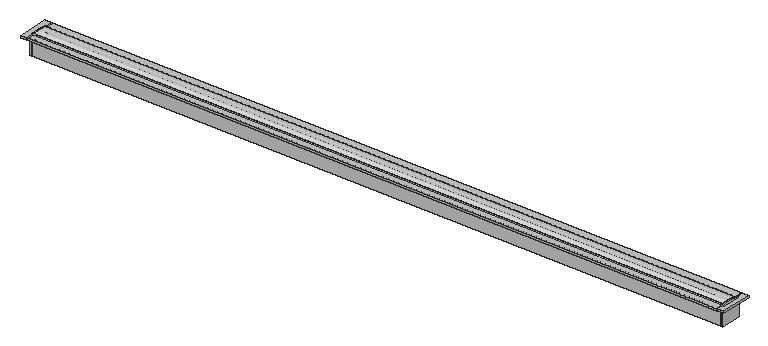
Revit family "Lighting-Luminii-Kendo_M_Recessed new", category Lighting Fixtures, host Face, Revit 2020
Family settings
  Host = Face
  Round Connector Dimension = Use Diameter
  Part Type = Normal
  OmniClass Number = 23.80.70.11.14.11
  OmniClass Title = Downlights
  Cut with Voids When Loaded = No
  Light Source = Yes
  Shared = Yes
  Room Calculation Point = No
Parameters (values of type "Kendo M Recessed")
  Width = 1 3/256"  # constant formula
  Wattage Comments = "6 W/ft"
  Wattage = 6 W
  Warranty URL = "https://www.luminii.com/terms-conditions/"
  built-in parameter 1150110 = 1 (stored number, unit not read)
  Voltage Comments = "120VAC - 277VAC"  # constant formula
  Voltage = 120 V
  Version = "2020 - v1.0a"  # constant formula
  URL = "https://www.luminii.com/"
  built-in parameter 1114217 = 1 (stored number, unit not read)
  Tilt Angle = -90.00°  # constant formula
  built-in parameter 1150109 = 1 (stored number, unit not read)
  built-in parameter 1150134 = (empty or 0)
  built-in parameter 1150113 = 1 (stored number, unit not read)
  Support Phone = "224-699-9545"  # constant formula
  Support Email = "mailto:support@bimsmith.com"
  Right Endcap [instance] = yes
  Product Page URL = "Consult Manufacturer Website for more Information"
  Power Source Type = "Driver"  # constant formula
  Power Factor = 1
  Photometric Web File = "KENDO M - CLEAR LENS - LL72-VHO-30K_IES.IES"
  Phase = 1
  Operating Temperature = "Consult Manufacturer Website for more Information"  # constant formula
  Number of Poles = if(and(or(Voltage = 120 V, Voltage = 277 V), Phase = 1), 1, if(and(or(Voltage = 208 V, Voltage = 240 V), Phase = 1), 2, if(and(or(Voltage = 208 V, Voltage = 240 V), Phase = 3), 3, if(and(Voltage > 300 V, Phase = 1), 2, if(and(Voltage > 400 V, Phase = 3), 3, 1)))))  # 1
  Mounting Method = "Mounting Options: Hard Surface Mounting Bracket, Gypsum Surface Mounting Bracket, No Bracket"  # constant formula
  Model = "KRM"  # constant formula
  Manufacturer Phone Number = "403-216-7043"  # constant formula
  Manufacturer Email = "mailto: info@sensolighting.com"
  Manufacturer Address = "302 50 Ave SE. Calgary, Alberta, T2G 2A9 Canada"  # constant formula
  Manufacturer = "Luminii"  # constant formula
  built-in parameter 1150105 = 34.855 (stored number, unit not read)
  Lumens = 438 lm
  Luminaire Type = "Linear Illumination System"  # constant formula
  built-in parameter 1150115 = 1 (stored number, unit not read)
  Load Classification = Lighting
  built-in parameter 1150137 = (empty or 0)
  built-in parameter 1150139 = (empty or 0)
  Lens Material = Plastic - Luminii - Frosted Lens
  Length [instance] = if(Desired Length < 12", 12", if(Desired Length > 144", 144", (round(Desired Length / 1")) * 1"))  # 24"
  Left Endcap [instance] = yes
  built-in parameter 1150112 = 1 (stored number, unit not read)
  built-in parameter 1150114 = 1 (stored number, unit not read)
  Lamp Life = 1
  Lamp = "LED"  # constant formula
  Keynote = "26 50 00"
  built-in parameter 1150132 = (empty or 0)
  built-in parameter 1150102 = (empty or 0)
  built-in parameter 1150107 = 3000 (stored number, unit not read)
  Initial Color Comments = "Perfomance based on 3000K Photometric Web File"  # constant formula
  built-in parameter 1150138 = (empty or 0)
  built-in parameter 1150106 = 0.34855 (stored number, unit not read)
  Housing Protection Rating = "Consult Manufacturer Website for more Information"  # constant formula
  Height = 161/256"  # constant formula
  Has Dimming = 1 = 1  # yes
  Has Battery Backup = 0 = 1  # no
  Frequency Comments = ""  # constant formula
  Frequency = 60 Hz
  Finish = Metal - Luminii - Silver Anodized Aluminum
  Environment = "Indoor"  # constant formula
  Emit from Line Length = 48"
  built-in parameter 1150104 = 6.7819 (stored number, unit not read)
  Dimming Type = "Consult Manufacturer Website for more Information"  # constant formula
  Dimming Lamp Color Temperature Shift = <None>
  Desired Length [instance] = 24"
  Description = "Linear Illumination System"  # constant formula
  Default Elevation = 0"  # constant formula
  Current Amps = 50 A
  Copyright = "©2024 Luminii"  # constant formula
  Control Zone = "Consult Manufacturer Website for more Information"  # constant formula
  Control Type = "Consult Manufacturer Website for more Information"  # constant formula
  Constraints = 1  # constant formula
  Color Filter = 16777215
  built-in parameter 1114216 [instance] = 0  # (empty or 0)
  built-in parameter 1140040 [instance] = 1 = 1  # 1
  CCT = "3000K"
  C Right End [instance] = if(Right Endcap, 61/256", 0")  # 61/256"
  C Left End [instance] = if(Left Endcap, 61/256", 0")  # 61/256"
  built-in parameter 1114218 = 1 (stored number, unit not read)
  built-in parameter 1150133 = 10 (stored number, unit not read)
  Assembly Code = "D5040.50"
  Apparent Load = Wattage / Power Factor  # 6 VA
Reference planes (in)
  plane 1 "Center (Front/Back)": y = 0
  plane 2: z = 0
  plane 3 "Center (Left/Right)": x = 0
  plane 4: x = 0
  plane 5: x = 0
  plane 6: y = 0.50586
  plane 7: y = -0.50586
  plane 8: x = -12
  plane 9: x = 12
  plane 10: z = -0.56791
  plane 11: z = 0.061
Forms (in)
  Extrusion 1, solid, material "Metal - Luminii - Silver Anodized Aluminum", not visible
    sketch origin (0, 0, -0.01563) x (1, 0, 0) y (0, 1, 0)
      loop
        circle (0, 0) r 0.03125
    from -0.55228 to -0.52049
  Extrusion 2, void
    sketch origin (0, 1.24288, 2.36) x (0, 1, 0) y (-1, 0, 0)
      loop
        line (-0.73703, 11.76172) -> (-1.74874, 11.76172) -> (-1.74874, -11.76172) -> (-0.73703, -11.76172) -> (-0.73703, 11.76172)
    from -2.92791 to -2.36
Dimensions and locks (in)
  equal spacing: plane 4, plane 3 "Center (Left/Right)", plane 5
  equal spacing: plane 6, plane 1 "Center (Front/Back)", plane 7
  plane 4 to plane 5 = 0"
  "Width": plane 6 to plane 7
  equal spacing: plane 8, plane 3 "Center (Left/Right)", plane 9
  "Length": plane 8 to plane 9
  plane 2 to Extrusion 1 = 0.53611"
  locked: plane 11 to plane 2 at 0.061
  "Height": plane 10 to plane 11
  locked: plane 10 to Extrusion 1 at 0.03179
  plane 1 "Center (Front/Back)" to imposter light = 0"
  "C Right End": Extrusion 2 sketch curve to plane 9
  "C Left End": plane 8 to Extrusion 2 sketch curve
  aligned and locked: plane 2 to host face
  aligned and locked: plane 3 "Center (Left/Right)" to Extrusion 1 sketch curve
  aligned and locked: imposter light to plane 3 "Center (Left/Right)"
  aligned and locked: plane 1 "Center (Front/Back)" to Extrusion 1 sketch curve
  aligned and locked: plane 10 to Extrusion 1
  aligned and locked: plane 10 to Extrusion 2
  aligned and locked: plane 2 to Extrusion 2
  aligned and locked: Extrusion 2 sketch curve to plane 6
  aligned and locked: plane 7 to Extrusion 2 sketch curve
  aligned and locked: imposter light to plane 11
  aligned and locked: plane 1 "Center (Front/Back)" to imposter light
Automatic sketch dimensions
  host sketch curve to host sketch curve = 96"  (x2)
  radius of Extrusion 1 sketch curve = 1/32"
Nested families (in)
  nested 1: "Nested Lamp" at (0, 0, 0), type "Nested Lamp"
Connectors (in)
  electrical at (0, 0, -0.56791), driven by "Number of Poles", driven by "Load Classification", driven by "Voltage", driven by "Apparent Load", driven by "Power Factor"
    settings: on Extrusion 1, index 1, voltage 120 V, apparent load 6 VA, apparent load phase1 0 VA, apparent load phase2 0 VA, apparent load phase3 0 VA, power factor 1, load classification "Lighting", number of poles 1, system type 30, power factor state 1, is connector primary yes, connector utility no, sub classification motor no, connector description "Power Connection"
Definition of nested family "Nested Lamp"
  Parameters (values of type "Nested Lamp")
    Right Cap = yes
    Lens = none
    Length = 24"
    Left Cap = yes
    Finish = none
    Default Elevation = 48"
    C Right Endcap = if(Right Cap, 61/256", 0")  # 61/256"
    C Left Endcap = if(Left Cap, 61/256", 0")  # 61/256"
  Reference planes (in)
    plane 1 "Center (Front/Back)": y = 0
    plane 2: z = 0
    plane 3 "Center (Left/Right)": x = 0
    plane 4: x = -11.76172
    plane 5: x = 11.76172
    plane 6: x = 12
    plane 7: x = -12
  Forms (in)
    Extrusion 1, solid
      sketch origin (0, 0, 0) x (1, 0, 0) y (0, 1, 0)
        loop
          line (-48, 48) -> (-48, -48) -> (48, -48) -> (48, 48) -> (-48, 48)
      from 0 to -12
    Sweep 2, solid, material <- "Finish", detail levels coarse
      path origin (0, 0, 0) x (1, 0, 0) y (0, 1, 0)
        loop
          line (-11.76172, 0) -> (11.76172, 0)
      profile origin (0, 0, 0) x (0, 1, 0) y (0, 0, 1)
        loop
          line (0.53152, 0.06) -> (0.29502, 0.06) -> (0.29502, -0.37215) -> (-0.29498, -0.37215) -> (-0.29498, 0.06) -> (-0.53148, 0.06) -> (-0.53148, 0) -> (-0.34348, 0) -> (-0.34348, -0.548) -> (0.34352, -0.548) -> (0.34352, 0) -> (0.53152, 0) -> (0.53152, 0.06)
    Sweep 3, solid, material <- "Lens", detail levels medium+fine
      path origin (0, 0, 0) x (1, 0, 0) y (0, 1, 0)
        loop
          line (-11.76172, 0) -> (11.76172, 0)
      profile origin (0, 0, 0) x (0, 1, 0) y (0, 0, 1)
        loop
          arc (0.24149, 0.06867) -> (0.00019, 0.0827) -> (-0.24111, 0.06875) r 2.08809
          arc (-0.24111, 0.06875) -> (-0.2708, 0.05027) -> (-0.28239, 0.01728) r 0.05274
          line (-0.28239, 0.01728) -> (-0.25121, 0.02055)
          arc (-0.25121, 0.02055) -> (-0.22809, 0.01073) -> (-0.22416, -0.01408) r 0.02591
          line (-0.22416, -0.01408) -> (-0.25702, -0.08455)
          arc (-0.25702, -0.08455) -> (-0.2488, -0.10714) -> (-0.2262, -0.09892) r 0.017
          line (-0.2262, -0.09892) -> (-0.19063, -0.02264)
          arc (-0.19063, -0.02264) -> (-0.18702, 0.00816) -> (-0.20249, 0.03505) r 0.04937
          arc (-0.20249, 0.03505) -> (0.00003, 0.04355) -> (0.20255, 0.03507) r 2.41865
          arc (0.20255, 0.03507) -> (0.18705, 0.00818) -> (0.19066, -0.02264) r 0.04937
          line (0.19066, -0.02264) -> (0.22623, -0.09892)
          arc (0.22623, -0.09892) -> (0.24883, -0.10714) -> (0.25705, -0.08455) r 0.017
          line (0.25705, -0.08455) -> (0.22419, -0.01408)
          arc (0.22419, -0.01408) -> (0.22812, 0.01073) -> (0.25124, 0.02055) r 0.02591
          line (0.25124, 0.02055) -> (0.28239, 0.01728)
          arc (0.28239, 0.01728) -> (0.27092, 0.05012) -> (0.24149, 0.06867) r 0.05274
    Sweep 4, solid, material <- "Finish", detail levels medium+fine
      path origin (0, 0, 0) x (1, 0, 0) y (0, 1, 0)
        loop
          line (-11.76172, 0) -> (11.76172, 0)
      profile origin (0, 0, 0) x (0, 1, 0) y (0, 0, 1)
        loop
          line (0.34352, 0) -> (0.53152, 0) -> (0.53152, 0.06) -> (0.29502, 0.06) -> (0.29502, 0.00273) -> (0.26423, 0.01708)
          arc (0.26423, 0.01708) -> (0.24143, 0.01306) -> (0.23741, -0.00973) r 0.02018
          arc (0.23741, -0.00973) -> (0.24919, -0.06287) -> (0.25252, -0.1172) r 0.34741
          line (0.25252, -0.1172) -> (0.25252, -0.30831) -> (0.28377, -0.30831) -> (0.28377, -0.37215) -> (-0.28377, -0.37215) -> (-0.28377, -0.30831) -> (-0.25252, -0.30831) -> (-0.25252, -0.1172)
          arc (-0.25252, -0.1172) -> (-0.24919, -0.06287) -> (-0.23741, -0.00973) r 0.34741
          arc (-0.23741, -0.00973) -> (-0.24143, 0.01306) -> (-0.26423, 0.01708) r 0.02018
          line (-0.26423, 0.01708) -> (-0.29502, 0.00273) -> (-0.29502, 0.06) -> (-0.53148, 0.06) -> (-0.53148, 0) -> (-0.34348, 0) -> (-0.34348, -0.548) -> (-0.22348, -0.548) -> (-0.22348, -0.488) -> (-0.28348, -0.488) -> (-0.28348, -0.428) -> (0.28352, -0.428) -> (0.28352, -0.488) -> (0.22352, -0.488) -> (0.22352, -0.548) -> (0.34352, -0.548) -> (0.34352, 0)
    Sweep 5, solid, material <- "Lens", detail levels coarse
      path origin (0, 0, 0) x (1, 0, 0) y (0, 1, 0)
        loop
          line (-11.76172, 0) -> (11.76172, 0)
      profile origin (0, 0, 0) x (0, 1, 0) y (0, 0, 1)
        loop
          line (0.29502, -0.37215) -> (0.29502, 0.06) -> (-0.29498, 0.06) -> (-0.29498, -0.37215) -> (0.29502, -0.37215)
    Sweep 6, solid, material <- "Finish", visible <- "Right Cap"
      path origin (0, 0, 0) x (1, 0, 0) y (0, 1, 0)
        loop
          line (11.76172, 0) -> (11.82172, 0)
      profile origin (11.79172, 0, 0) x (0, 1, 0) y (0, 0, 1)
        loop
          line (0.34352, 0) -> (0.29502, 0) -> (0.29502, 0.06)
          arc (0.29502, 0.06) -> (0.00002, 0.09469) -> (-0.29498, 0.06) r 1.27164
          line (-0.29498, 0.06) -> (-0.29498, 0) -> (-0.34348, 0) -> (-0.34348, -0.548) -> (0.34352, -0.548) -> (0.34352, 0)
    Sweep 7, solid, material <- "Finish", visible <- "Left Cap"
      path origin (0, 0, 0) x (-1, 0, 0) y (0, 1, 0)
        loop
          line (11.76172, 0) -> (11.8125, 0)
      profile origin (-11.78711, 0, 0) x (0, -1, 0) y (0, 0, 1)
        loop
          line (-0.34352, 0) -> (-0.34352, -0.548) -> (0.34348, -0.548) -> (0.34348, 0) -> (0.29498, 0) -> (0.29498, 0.06)
          arc (0.29498, 0.06) -> (-0.00002, 0.09469) -> (-0.29502, 0.06) r 1.27164
          line (-0.29502, 0.06) -> (-0.29502, 0) -> (-0.34352, 0)
    Extrusion 8, solid, material <- "Finish", visible <- "Right Cap"
      sketch origin (0, 0, 0) x (1, 0, 0) y (0, 1, 0)
        loop
          line (11.76172, 0.53152) -> (11.76172, -0.53148) -> (12, -0.53148) -> (12, 0.53152) -> (11.76172, 0.53152)
      from 0 to 0.06
    Extrusion 9, solid, material <- "Finish", visible <- "Left Cap"
      sketch origin (0, 0, 0) x (-1, 0, 0) y (0, -1, 0)
        loop
          line (11.76172, -0.53152) -> (12, -0.53152) -> (12, 0.53148) -> (11.76172, 0.53148) -> (11.76172, -0.53152)
      from 0 to 0.06
  Dimensions and locks (in)
    "Length": plane 7 to plane 6
    "C Left Endcap": plane 7 to plane 4
    "C Right Endcap": plane 5 to plane 6
    equal spacing: plane 7, plane 3 "Center (Left/Right)", plane 6
    Sweep 6 sketch curve to Sweep 6 sketch curve to plane 6 = 0.06" locked, 0.17828" locked
    Sweep 7 sketch curve to plane 4 to Sweep 7 sketch curve = 13/256" locked, 0" locked
    locked: Extrusion 8 sketch curve to plane 6 at 0.23828
    Extrusion 8 to plane 2 = 0.06"
    locked: plane 7 to Extrusion 9 sketch curve at 0.23828
    Extrusion 9 to plane 2 = 0.06"
    aligned and locked: plane 2 to Extrusion 1
    aligned and locked: level to Extrusion 1
    aligned and locked: plane 4 to Sweep 2 sketch curve
    aligned and locked: plane 1 "Center (Front/Back)" to Sweep 2 sketch curve
    aligned and locked: plane 5 to Sweep 2 sketch curve
    aligned and locked: plane 5 to Sweep 3 sketch curve
    aligned and locked: plane 4 to Sweep 3 sketch curve
    aligned and locked: plane 1 "Center (Front/Back)" to Sweep 3 sketch curve
    aligned and locked: plane 1 "Center (Front/Back)" to Sweep 6 sketch curve
    aligned and locked: Sweep 7 sketch curve to plane 1 "Center (Front/Back)"
    aligned and locked: Extrusion 8 sketch curve to plane 6
    aligned and locked: Extrusion 8 to plane 2
    aligned and locked: plane 7 to Extrusion 9 sketch curve
    aligned and locked: Extrusion 9 to plane 2
    aligned and locked: plane 7 to Extrusion 9
  Automatic sketch dimensions
    Extrusion 1 sketch curve to Extrusion 1 sketch curve = 96"  (x2)
    plane 1 "Center (Front/Back)" to Sweep 4 sketch curve = 0"
    Sweep 4 sketch curve to plane 4 = 0"
    Sweep 4 sketch curve to plane 5 = 0"
    plane 1 "Center (Front/Back)" to Sweep 5 sketch curve = 0"
    Sweep 5 sketch curve to plane 4 = 0"
    Sweep 5 sketch curve to plane 5 = 0"
    level to Sweep 5 sketch curve = 0.06"
    profile plane to Sweep 5 sketch curve = 0.29498"  (x2)
    Sweep 5 sketch curve to profile plane = 0.29502"  (x2)
    Sweep 5 sketch curve to level = 0.37215"
    plane 1 "Center (Front/Back)" to Extrusion 8 sketch curve = 0.53148"
    Extrusion 8 sketch curve to plane 1 "Center (Front/Back)" = 0.53152"
    Extrusion 9 sketch curve to plane 1 "Center (Front/Back)" = 0.53148"
    plane 1 "Center (Front/Back)" to Extrusion 9 sketch curve = 0.53152"
    Sweep 2 sketch curve to level = 0"  (x2)
    level to Sweep 2 sketch curve = 0.06"  (x2)
    profile plane to Sweep 2 sketch curve = 0.53148"
    Sweep 2 sketch curve to Sweep 2 sketch curve = 0.188"  (x2)
    Sweep 2 sketch curve to Sweep 2 sketch curve = 0.0485"  (x2)
    Sweep 2 sketch curve to level = 0.37215"
    Sweep 2 sketch curve to profile plane = 0.29502"
    Sweep 2 sketch curve to Sweep 2 sketch curve = 0.17585"
    Sweep 6 sketch curve to level = 0"  (x2)
    Sweep 6 sketch curve to profile plane = 0"
    level to Sweep 6 sketch curve = 0.06"
    profile plane to Sweep 6 sketch curve = 0.29498"
    Sweep 6 sketch curve to Sweep 6 sketch curve = 0.0485"  (x2)
    Sweep 6 sketch curve to profile plane = 0.29502"
    Sweep 6 sketch curve to Sweep 6 sketch curve = 0.548"
    Sweep 6 sketch curve to Sweep 6 sketch curve = 0.62895"
    profile plane to Sweep 3 sketch curve = 0.28239"
    Sweep 3 sketch curve to level = 0.08455"  (x2)
    level to Sweep 3 sketch curve = 0.02055"  (x2)
    Sweep 3 sketch curve to level = 0.00522"  (x2)
    Sweep 3 sketch curve to Sweep 3 sketch curve = 0.00271"
    Sweep 3 sketch curve to Sweep 3 sketch curve = 0.01541"  (x4)
    Sweep 3 sketch curve to level = 0.00178"  (x2)
    Sweep 3 sketch curve to Sweep 3 sketch curve = 0.01312"  (x2)
    Sweep 3 sketch curve to level = 0.09892"  (x2)
    Sweep 3 sketch curve to level = 0.01408"  (x2)
    Sweep 3 sketch curve to level = 0.02264"  (x2)
    Sweep 3 sketch curve to Sweep 3 sketch curve = 0.03352"  (x2)
    profile plane to Sweep 3 sketch curve = 0.00018"
    Sweep 3 sketch curve to profile plane = 0.00019"
    Sweep 3 sketch curve to profile plane = 0.19066"
    Sweep 3 sketch curve to Sweep 3 sketch curve = 0.03557"
    Sweep 3 sketch curve to Sweep 3 sketch curve = 0.00547"
    Sweep 3 sketch curve to Sweep 3 sketch curve = 0.01123"
    level to Sweep 3 sketch curve = 0.01728"  (x2)
    Sweep 3 sketch curve to Sweep 3 sketch curve = 0.03115"
    Sweep 3 sketch curve to Sweep 3 sketch curve = 0.36971"
    Sweep 3 sketch curve to Sweep 3 sketch curve = 0.02717"
    Sweep 3 sketch curve to Sweep 3 sketch curve = 0.00976"
    Sweep 3 sketch curve to Sweep 3 sketch curve = 0.02537"
    Sweep 3 sketch curve to Sweep 3 sketch curve = 0.03118"
    Sweep 3 sketch curve to Sweep 3 sketch curve = 0.00573"
    Sweep 3 sketch curve to Sweep 3 sketch curve = 1.90647"
    Sweep 4 sketch curve to level = 0"  (x2)
    profile plane to Sweep 4 sketch curve = 0.53148"
    Sweep 4 sketch curve to Sweep 4 sketch curve = 0.188"  (x2)
    level to Sweep 4 sketch curve = 0.00273"  (x2)
    Sweep 4 sketch curve to Sweep 4 sketch curve = 0.04847"
    Sweep 4 sketch curve to Sweep 4 sketch curve = 0.05972"
    Sweep 4 sketch curve to Sweep 4 sketch curve = 0.00028"
    level to Sweep 4 sketch curve = 0.01708"  (x2)
    Sweep 4 sketch curve to Sweep 4 sketch curve = 0.03079"  (x2)
    Sweep 4 sketch curve to level = 0.0012"  (x2)
    Sweep 4 sketch curve to Sweep 4 sketch curve = 0.00853"  (x2)
    Sweep 4 sketch curve to Sweep 4 sketch curve = 1/32"  (x2)
    Sweep 4 sketch curve to Sweep 4 sketch curve = 0.06"  (x7)
    profile plane to Sweep 4 sketch curve = 0.09485"
    Sweep 4 sketch curve to profile plane = 0.09485"
    Sweep 4 sketch curve to profile plane = 0.22352"
    Sweep 4 sketch curve to Sweep 4 sketch curve = 0.15767"
    Sweep 4 sketch curve to Sweep 4 sketch curve = 0.00318"
    Sweep 4 sketch curve to level = 0.11122"  (x2)
    Sweep 4 sketch curve to Sweep 4 sketch curve = 0.11599"  (x2)
    Sweep 4 sketch curve to Sweep 4 sketch curve = 0.19111"  (x2)
    Sweep 4 sketch curve to Sweep 4 sketch curve = 0.05585"
    Sweep 4 sketch curve to Sweep 4 sketch curve = 0.04292"  (x2)
    Sweep 4 sketch curve to Sweep 4 sketch curve = 0.06384"
    Sweep 7 sketch curve to level = 0"  (x2)
    profile plane to Sweep 7 sketch curve = 0"
    Sweep 7 sketch curve to Sweep 7 sketch curve = 0.0485"  (x2)
    level to Sweep 7 sketch curve = 0.06"  (x2)
    Sweep 7 sketch curve to profile plane = 0.29498"
    Sweep 7 sketch curve to Sweep 7 sketch curve = 0.548"
    Sweep 7 sketch curve to Sweep 7 sketch curve = 0.62895"
